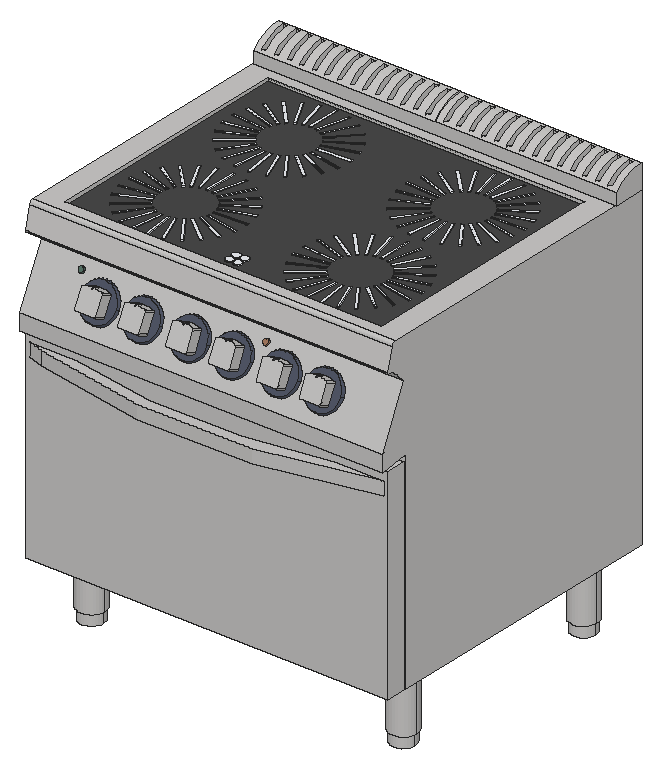
Revit family "QF_ZANUSSI_372026_Z7IREH40E0", category Specialty Equipment, Revit 2018 (continued)
Automatic sketch dimensions
  plane 1 "BACK" to curve 86 = 6.761 mm
  curve 81 to curve 86 = 18.547 mm
  curve 85 to curve 86 = 9.296 mm
  curve 88 to curve 89 = 9.296 mm
  curve 91 to curve 90 = 9.296 mm
  plane 1 "BACK" to curve 55 = 6.761 mm
  curve 90 to curve 55 = 18.547 mm
  curve 55 to curve 56 = 9.296 mm
  plane 7 "Center Y" to curve 93 = 1.588 mm
  curve 11 to plane 7 "Center Y" = 1.587 mm
  curve 11 to curve 12 = 13.764 mm
  curve 12 to curve 13 = 9.296 mm
  curve 13 to curve 48 = 18.547 mm
  curve 48 to curve 50 = 9.296 mm
  curve 49 to curve 45 = 18.547 mm
  curve 45 to curve 46 = 9.296 mm
  plane 1 "BACK" to curve 42 = 6.761 mm
  curve 46 to curve 42 = 18.547 mm
  curve 42 to curve 43 = 9.296 mm
  curve 43 to curve 39 = 18.547 mm
  curve 39 to curve 40 = 9.296 mm
  plane 1 "BACK" to curve 36 = 6.761 mm
  curve 40 to curve 36 = 18.547 mm
  curve 36 to curve 37 = 9.296 mm
  curve 37 to curve 33 = 18.547 mm
  curve 33 to curve 34 = 9.296 mm
  plane 1 "BACK" to curve 30 = 6.761 mm
  curve 34 to curve 30 = 18.547 mm
  curve 30 to curve 31 = 9.296 mm
  curve 31 to curve 27 = 18.547 mm
  curve 27 to curve 28 = 9.296 mm
  curve 24 to curve 25 = 9.296 mm
  plane 1 "BACK" to curve 21 = 6.761 mm
  curve 25 to curve 21 = 18.547 mm
  curve 21 to curve 22 = 9.296 mm
  curve 18 to curve 19 = 9.296 mm
  plane 1 "BACK" to curve 15 = 6.761 mm
  curve 19 to curve 15 = 18.547 mm
  curve 15 to curve 16 = 9.296 mm
  plane 1 "BACK" to curve 8 = 6.761 mm
  curve 16 to curve 8 = 18.547 mm
  curve 8 to curve 9 = 9.296 mm
  plane 5 "FRONT" to curve 1 = 1.377 mm
  curve 1 to plane 3 "LEFT" = 150.019 mm
  curve 1 to plane 1 "BACK" = 150.019 mm
  plane 1 "BACK" to curve 92 = 6.761 mm
  plane 1 "BACK" to curve 89 = 6.761 mm
  plane 1 "BACK" to curve 12 = 6.761 mm
  plane 1 "BACK" to curve 83 = 6.761 mm
  plane 1 "BACK" to curve 18 = 6.761 mm
  plane 1 "BACK" to curve 77 = 6.761 mm
  plane 1 "BACK" to curve 74 = 6.761 mm
  plane 1 "BACK" to curve 24 = 6.761 mm
  plane 1 "BACK" to curve 27 = 6.761 mm
  plane 1 "BACK" to curve 33 = 6.761 mm
  plane 1 "BACK" to curve 62 = 6.761 mm
  plane 1 "BACK" to curve 59 = 6.761 mm
  plane 1 "BACK" to curve 39 = 6.761 mm
  plane 1 "BACK" to curve 53 = 6.761 mm
  plane 1 "BACK" to curve 45 = 6.761 mm
  plane 1 "BACK" to curve 50 = 6.761 mm
  curve 49 to curve 49 = 57.15 mm
  curve 51 to curve 51 = 57.15 mm
  curve 54 to curve 54 = 57.15 mm
  curve 57 to curve 51 = 0 mm
  curve 60 to curve 57 = 0 mm
  curve 63 to curve 60 = 0 mm
  curve 66 to curve 63 = 0 mm
  curve 69 to curve 66 = 0 mm
  curve 72 to curve 69 = 0 mm
  curve 75 to curve 72 = 0 mm
  curve 78 to curve 75 = 0 mm
  curve 81 to curve 78 = 0 mm
  curve 84 to curve 81 = 0 mm
  curve 55 to curve 91 = 0 mm
  curve 91 to curve 87 = 0 mm
  curve 12 to curve 11 = 5.939 mm
  curve 52 to curve 95 = 5.939 mm
  plane 5 "FRONT" to curve 3 = 1.377 mm
  Extrusion 5 sketch curve to plane 3 "LEFT" = 13.453 mm
  Extrusion 5 sketch curve to Extrusion 5 sketch curve = 9.296 mm  (x28)
  Extrusion 5 sketch curve to Extrusion 5 sketch curve = 18.547 mm  (x26)
  Extrusion 5 sketch curve to plane 1 "BACK" = 6.761 mm  (x28)
  Extrusion 5 sketch curve to plane 7 "Center Y" = 15.351 mm
  Extrusion 5 sketch curve to Extrusion 5 sketch curve = 57.15 mm  (x2)
  Extrusion 5 sketch curve to Extrusion 5 sketch curve = 0 mm  (x26)
  plane 1 "BACK" to Extrusion 6 sketch curve = 0 mm
  plane 7 "Center Y" to Extrusion 6 sketch curve = 1.587 mm
  Extrusion 6 sketch curve to plane 7 "Center Y" = 1.588 mm
  Extrusion 6 sketch curve to plane 1 "BACK" = 69.85 mm
  Revolve 7 sketch curve to level = 0 mm
  Revolve 7 sketch curve to plane 14 "Base" = 0 mm  (x2)
  level to Revolve 7 sketch curve = 25 mm
  Revolve 7 sketch curve to Revolve 7 sketch curve = 20 mm
  plane 3 "LEFT" to Revolve 7 sketch curve = 56 mm
  Revolve 7 sketch curve to Revolve 7 sketch curve = 0 mm
  plane 3 "LEFT" to Revolve 7 sketch curve = 29.75 mm
  plane 3 "LEFT" to Revolve 7 sketch curve = 26 mm
  Revolve 8 sketch curve to level = 0 mm
  Revolve 8 sketch curve to plane 14 "Base" = 0 mm  (x2)
  level to Revolve 8 sketch curve = 25 mm
  Revolve 8 sketch curve to Revolve 8 sketch curve = 20 mm
  plane 3 "LEFT" to Revolve 8 sketch curve = 56 mm
  Revolve 8 sketch curve to Revolve 8 sketch curve = 0 mm
  plane 3 "LEFT" to Revolve 8 sketch curve = 29.75 mm
  plane 3 "LEFT" to Revolve 8 sketch curve = 26 mm
  Revolve 9 sketch curve to level = 0 mm
  Revolve 9 sketch curve to plane 14 "Base" = 0 mm  (x2)
  level to Revolve 9 sketch curve = 25 mm
  Revolve 9 sketch curve to Revolve 9 sketch curve = 20 mm
  Revolve 9 sketch curve to plane 4 "RIGHT" = 26 mm
  Revolve 9 sketch curve to Revolve 9 sketch curve = 3.75 mm
  Revolve 9 sketch curve to Revolve 9 sketch curve = 30 mm
  Revolve 9 sketch curve to Revolve 9 sketch curve = 0 mm
  Revolve 10 sketch curve to level = 0 mm
  Revolve 10 sketch curve to plane 14 "Base" = 0 mm  (x2)
  level to Revolve 10 sketch curve = 25 mm
  Revolve 10 sketch curve to Revolve 10 sketch curve = 20 mm
  Revolve 10 sketch curve to plane 4 "RIGHT" = 26 mm
  Revolve 10 sketch curve to Revolve 10 sketch curve = 3.75 mm
  Revolve 10 sketch curve to Revolve 10 sketch curve = 30 mm
  Revolve 10 sketch curve to Revolve 10 sketch curve = 0 mm
  curve 126 to plane 4 "RIGHT" = 50.1 mm
  plane 3 "LEFT" to curve 125 = 50 mm
  curve 124 to plane 12 = 54.376 mm
  plane 11 to curve 126 = 55.377 mm
  Extrusion 12 sketch curve to plane 14 "Base" = 0 mm
  Extrusion 12 sketch curve to plane 9 "BASETOP" = 0 mm
  curve 52 to curve 53 = 9.296 mm
  curve 51 to curve 58 = 18.547 mm
  curve 57 to curve 61 = 18.547 mm
  curve 69 to curve 73 = 18.547 mm
  curve 72 to curve 76 = 18.547 mm
  curve 78 to curve 82 = 18.547 mm
  curve 84 to curve 88 = 18.547 mm
  curve 87 to curve 91 = 18.547 mm
  curve 28 to curve 26 = 18.547 mm
  curve 22 to curve 20 = 18.547 mm
  curve 60 to curve 61 = 0 mm
  curve 57 to curve 58 = 0 mm
  curve 63 to curve 64 = 0 mm
  curve 54 to curve 55 = 0 mm
  curve 51 to curve 52 = 0 mm
  curve 66 to curve 67 = 0 mm
  curve 49 to curve 48 = 0 mm
  curve 46 to curve 49 = 0 mm
  curve 69 to curve 70 = 0 mm
  curve 46 to curve 45 = 0 mm
  curve 43 to curve 46 = 0 mm
  curve 43 to curve 42 = 0 mm
  curve 40 to curve 43 = 0 mm
  curve 72 to curve 73 = 0 mm
  curve 40 to curve 39 = 0 mm
  curve 37 to curve 40 = 0 mm
  curve 37 to curve 36 = 0 mm
  curve 34 to curve 37 = 0 mm
  curve 75 to curve 76 = 0 mm
  curve 34 to curve 33 = 0 mm
  curve 31 to curve 34 = 0 mm
  curve 31 to curve 30 = 0 mm
  curve 28 to curve 31 = 0 mm
  curve 78 to curve 79 = 0 mm
  curve 28 to curve 27 = 0 mm
  curve 25 to curve 28 = 0 mm
  curve 25 to curve 24 = 0 mm
  curve 22 to curve 25 = 0 mm
  curve 81 to curve 82 = 0 mm
  curve 22 to curve 21 = 0 mm
  curve 19 to curve 22 = 0 mm
  curve 19 to curve 18 = 0 mm
  curve 16 to curve 19 = 0 mm
  curve 84 to curve 85 = 0 mm
  curve 16 to curve 15 = 0 mm
  curve 48 to curve 13 = 0 mm
  curve 13 to curve 12 = 0 mm
  curve 87 to curve 88 = 0 mm
  curve 90 to curve 91 = 0 mm
  curve 9 to curve 11 = 5.939 mm
  curve 9 to curve 8 = 0 mm
  plane 3 "LEFT" to curve 96 = 13.453 mm
  curve 96 to curve 96 = 9.296 mm
  curve 96 to curve 98 = 18.547 mm
  curve 98 to curve 98 = 9.296 mm
  curve 98 to curve 99 = 18.547 mm
  curve 99 to curve 99 = 9.296 mm
  curve 99 to curve 100 = 18.547 mm
  curve 100 to curve 100 = 9.296 mm
  curve 100 to curve 101 = 18.547 mm
  curve 101 to curve 101 = 9.296 mm
  curve 101 to curve 102 = 18.547 mm
  curve 102 to curve 102 = 9.296 mm
  curve 102 to curve 103 = 18.547 mm
  curve 103 to curve 103 = 9.296 mm
  curve 103 to curve 104 = 18.547 mm
  curve 104 to curve 104 = 9.296 mm
  curve 104 to curve 105 = 18.547 mm
  curve 105 to curve 105 = 9.296 mm
  curve 105 to curve 106 = 18.547 mm
  curve 106 to curve 106 = 9.296 mm
  curve 106 to curve 107 = 18.547 mm
  curve 107 to curve 107 = 9.296 mm
  curve 107 to curve 108 = 18.547 mm
  curve 108 to curve 108 = 9.296 mm
  curve 108 to curve 109 = 18.547 mm
  curve 109 to curve 109 = 9.296 mm
  curve 109 to curve 97 = 18.547 mm
  curve 97 to curve 97 = 9.296 mm
  plane 7 "Center Y" to curve 111 = 15.351 mm
  curve 111 to curve 111 = 9.296 mm
  curve 111 to curve 123 = 18.547 mm
  curve 123 to curve 123 = 9.296 mm
  curve 123 to curve 122 = 18.547 mm
  curve 122 to curve 122 = 9.296 mm
  curve 122 to curve 121 = 18.547 mm
  curve 121 to curve 121 = 9.296 mm
  curve 121 to curve 120 = 18.547 mm
  curve 120 to curve 120 = 9.296 mm
  curve 120 to curve 119 = 18.547 mm
  curve 119 to curve 119 = 9.296 mm
  curve 119 to curve 118 = 18.547 mm
  curve 118 to curve 118 = 9.296 mm
  curve 118 to curve 117 = 18.547 mm
  curve 117 to curve 117 = 9.296 mm
  curve 117 to curve 116 = 18.547 mm
  curve 116 to curve 116 = 9.296 mm
  curve 116 to curve 115 = 18.547 mm
  curve 115 to curve 115 = 9.296 mm
  curve 115 to curve 114 = 18.547 mm
  curve 114 to curve 114 = 9.296 mm
  curve 114 to curve 113 = 18.547 mm
  curve 113 to curve 113 = 9.296 mm
  curve 113 to curve 112 = 18.547 mm
  curve 112 to curve 112 = 9.296 mm
  curve 112 to curve 110 = 18.547 mm
  curve 110 to curve 110 = 9.296 mm
  plane 1 "BACK" to curve 104 = 63.911 mm
  curve 104 to curve 105 = 0 mm
  curve 105 to curve 106 = 0 mm
  curve 106 to curve 107 = 0 mm
  curve 107 to curve 108 = 0 mm
  curve 108 to curve 109 = 0 mm
  plane 1 "BACK" to curve 110 = 63.911 mm
  plane 1 "BACK" to curve 111 = 63.911 mm
  curve 112 to curve 110 = 0 mm
  curve 113 to curve 112 = 0 mm
  curve 103 to curve 104 = 0 mm
  curve 114 to curve 113 = 0 mm
  curve 115 to curve 114 = 0 mm
  curve 116 to curve 115 = 0 mm
  curve 117 to curve 116 = 0 mm
  curve 118 to curve 117 = 0 mm
  curve 119 to curve 118 = 0 mm
  curve 120 to curve 119 = 0 mm
  curve 121 to curve 120 = 0 mm
  curve 122 to curve 121 = 0 mm
  curve 123 to curve 122 = 0 mm
  curve 102 to curve 103 = 0 mm
  curve 101 to curve 102 = 0 mm
  curve 100 to curve 101 = 0 mm
  curve 99 to curve 100 = 0 mm
  curve 98 to curve 99 = 0 mm
  curve 109 to curve 97 = 0 mm
  curve 96 to curve 98 = 0 mm
  Extrusion 1 sketch curve to plane 14 "Base" = 0 mm
  Extrusion 1 sketch curve to plane 5 "FRONT" = 15 mm
  Extrusion 1 sketch curve to Extrusion 1 sketch curve = 44.6 mm
  plane 11 to Extrusion 1 sketch curve = 101.999 mm
  Extrusion 1 sketch curve to Extrusion 1 sketch curve = 2.884 mm
  plane 9 "BASETOP" to Extrusion 1 sketch curve = 241.763 mm
  Extrusion 1 sketch curve to Extrusion 1 sketch curve = 13.051 mm
  Extrusion 1 sketch curve to Extrusion 1 sketch curve = 10.198 mm
  Extrusion 1 sketch curve to Extrusion 1 sketch curve = 7.474 mm
  Extrusion 1 sketch curve to Extrusion 1 sketch curve = 31.82 mm  (x2)
  Extrusion 1 sketch curve to Extrusion 1 sketch curve = 60.245 mm
  Extrusion 1 sketch curve to Extrusion 1 sketch curve = 0.442 mm
  Extrusion 1 sketch curve to Extrusion 1 sketch curve = 3.175 mm
  plane 14 "Base" to Extrusion 1 sketch curve = 0 mm
  Extrusion 1 sketch curve to Extrusion 1 sketch curve = 455.746 mm
  Extrusion 1 sketch curve to Extrusion 1 sketch curve = 461.068 mm
  Extrusion 1 sketch curve to Extrusion 1 sketch curve = 35 mm
  Extrusion 1 sketch curve to Extrusion 1 sketch curve = 81.162 mm
  Extrusion 1 sketch curve to Extrusion 1 sketch curve = 3 mm
  Extrusion 1 sketch curve to plane 1 "BACK" = 0 mm
  Extrusion 1 sketch curve to Extrusion 1 sketch curve = 1.087 mm
  Extrusion 1 sketch curve to plane 9 "BASETOP" = 0 mm
  plane 7 "Center Y" to Blend 13 sketch curve = 152.5 mm  (x2)
  plane 3 "LEFT" to Extrusion 14 sketch curve = 129.5 mm
  Extrusion 14 sketch curve to Extrusion 14 sketch curve = 2.997 mm  (x3)
  Extrusion 14 sketch curve to Extrusion 14 sketch curve = 20.003 mm  (x2)
  Extrusion 14 sketch curve to Extrusion 14 sketch curve = 40.005 mm
  Extrusion 14 sketch curve to Extrusion 14 sketch curve = 5.399 mm
  Extrusion 14 sketch curve to Extrusion 14 sketch curve = 40.037 mm
  Extrusion 14 sketch curve to Extrusion 14 sketch curve = 0 mm  (x2)
  Extrusion 15 sketch curve to plane 16 "panel" = 35 mm
  plane 15 to Extrusion 15 sketch curve = 5.671 mm
  Extrusion 15 sketch curve to Extrusion 15 sketch curve = 3 mm
  Extrusion 15 sketch curve to Extrusion 15 sketch curve = 0 mm  (x2)
  Extrusion 15 sketch curve to Extrusion 15 sketch curve = 1 mm
  Extrusion 15 sketch curve to Extrusion 15 sketch curve = 15 mm
  plane 3 "LEFT" to Extrusion 16 sketch curve = 97.499 mm
  plane 3 "LEFT" to Extrusion 17 sketch curve = 135 mm
  Extrusion 17 sketch curve to Extrusion 17 sketch curve = 35 mm  (x2)
  Split face 1 sketch curve to Split face 1 sketch curve = 6 mm
  Split face 1 sketch curve to Split face 1 sketch curve = 10 mm
  Split face 2 sketch curve to Split face 2 sketch curve = 5 mm
  Split face 2 sketch curve to Split face 2 sketch curve = 9 mm
  Split face 3 sketch curve to Split face 3 sketch curve = 5 mm
  Split face 4 sketch curve to Split face 4 sketch curve = 5 mm
  plane 7 "Center Y" to Blend 18 sketch curve = 247.5 mm  (x2)
  plane 3 "LEFT" to Extrusion 19 sketch curve = 224.5 mm
  Extrusion 19 sketch curve to Extrusion 19 sketch curve = 2.997 mm  (x3)
  plane 3 "LEFT" to Extrusion 19 sketch curve = 247.5 mm
  Extrusion 19 sketch curve to Extrusion 19 sketch curve = 20.003 mm
  plane 3 "LEFT" to Extrusion 19 sketch curve = 267.503 mm
  Extrusion 19 sketch curve to Extrusion 19 sketch curve = 5.399 mm
  Extrusion 19 sketch curve to Extrusion 19 sketch curve = 40.037 mm
  Extrusion 19 sketch curve to Extrusion 19 sketch curve = 0 mm  (x2)
  plane 3 "LEFT" to Extrusion 20 sketch curve = 230 mm
  plane 3 "LEFT" to Extrusion 20 sketch curve = 265 mm
  Extrusion 20 sketch curve to Extrusion 20 sketch curve = 35 mm
  Split face 8 sketch curve to Split face 8 sketch curve = 6 mm
  Split face 8 sketch curve to Split face 8 sketch curve = 10 mm
  Split face 9 sketch curve to Split face 9 sketch curve = 5 mm
  Split face 9 sketch curve to Split face 9 sketch curve = 9 mm
  Split face 10 sketch curve to Split face 10 sketch curve = 5 mm
  Split face 11 sketch curve to Split face 11 sketch curve = 5 mm
  Extrusion 21 sketch curve to plane 16 "panel" = 35 mm
  plane 15 to Extrusion 21 sketch curve = 5.671 mm
  Extrusion 21 sketch curve to Extrusion 21 sketch curve = 3 mm
  Extrusion 21 sketch curve to Extrusion 21 sketch curve = 0 mm
  Extrusion 21 sketch curve to Extrusion 21 sketch curve = 1 mm  (x2)
  Extrusion 21 sketch curve to Extrusion 21 sketch curve = 15 mm
  plane 3 "LEFT" to Blend 22 sketch curve = 152.5 mm  (x2)
  Split face 25 sketch curve to Split face 25 sketch curve = 6 mm
  Split face 25 sketch curve to Split face 25 sketch curve = 10 mm
  Split face 26 sketch curve to Split face 26 sketch curve = 5 mm
  Split face 26 sketch curve to Split face 26 sketch curve = 9 mm
  Split face 27 sketch curve to Split face 27 sketch curve = 5 mm
  Split face 28 sketch curve to Split face 28 sketch curve = 5 mm
  plane 3 "LEFT" to Blend 23 sketch curve = 247.5 mm  (x2)
  Split face 32 sketch curve to Split face 32 sketch curve = 6 mm
  Split face 32 sketch curve to Split face 32 sketch curve = 10 mm
  Split face 33 sketch curve to Split face 33 sketch curve = 5 mm
  Split face 33 sketch curve to Split face 33 sketch curve = 9 mm
  Split face 34 sketch curve to Split face 34 sketch curve = 5 mm
  Split face 35 sketch curve to Split face 35 sketch curve = 5 mm
  plane 7 "Center Y" to Extrusion 24 sketch curve = 129.5 mm
  Extrusion 24 sketch curve to Extrusion 24 sketch curve = 2.997 mm  (x3)
  Extrusion 24 sketch curve to Extrusion 24 sketch curve = 20.003 mm  (x2)
  Extrusion 24 sketch curve to Extrusion 24 sketch curve = 40.005 mm
  Extrusion 24 sketch curve to Extrusion 24 sketch curve = 5.399 mm
  Extrusion 24 sketch curve to Extrusion 24 sketch curve = 40.037 mm
  Extrusion 24 sketch curve to Extrusion 24 sketch curve = 0 mm  (x2)
  plane 7 "Center Y" to Extrusion 25 sketch curve = 135 mm
  Extrusion 25 sketch curve to Extrusion 25 sketch curve = 35 mm  (x2)
  plane 7 "Center Y" to Extrusion 26 sketch curve = 224.5 mm
  Extrusion 26 sketch curve to Extrusion 26 sketch curve = 2.997 mm  (x3)
  plane 7 "Center Y" to Extrusion 26 sketch curve = 247.5 mm
  Extrusion 26 sketch curve to Extrusion 26 sketch curve = 20.003 mm
  plane 7 "Center Y" to Extrusion 26 sketch curve = 267.503 mm
  Extrusion 26 sketch curve to Extrusion 26 sketch curve = 5.399 mm
  Extrusion 26 sketch curve to Extrusion 26 sketch curve = 40.037 mm
  Extrusion 26 sketch curve to Extrusion 26 sketch curve = 0 mm  (x2)
  plane 7 "Center Y" to Extrusion 27 sketch curve = 230 mm
  plane 7 "Center Y" to Extrusion 27 sketch curve = 265 mm
  Extrusion 27 sketch curve to Extrusion 27 sketch curve = 35 mm
  Extrusion 28 sketch curve to plane 16 "panel" = 35 mm
  plane 15 to Extrusion 28 sketch curve = 5.671 mm
  Extrusion 28 sketch curve to Extrusion 28 sketch curve = 3 mm
  Extrusion 28 sketch curve to Extrusion 28 sketch curve = 0 mm  (x2)
  Extrusion 28 sketch curve to Extrusion 28 sketch curve = 1 mm
  Extrusion 28 sketch curve to Extrusion 28 sketch curve = 15 mm
  Extrusion 29 sketch curve to plane 16 "panel" = 35 mm
  plane 15 to Extrusion 29 sketch curve = 5.671 mm
  Extrusion 29 sketch curve to Extrusion 29 sketch curve = 3 mm
  Extrusion 29 sketch curve to Extrusion 29 sketch curve = 0 mm
  Extrusion 29 sketch curve to Extrusion 29 sketch curve = 1 mm  (x2)
  Extrusion 29 sketch curve to Extrusion 29 sketch curve = 15 mm
  plane 7 "Center Y" to Blend 30 sketch curve = 47.5 mm  (x2)
  plane 3 "LEFT" to Extrusion 31 sketch curve = 424.5 mm
  Extrusion 31 sketch curve to Extrusion 31 sketch curve = 2.997 mm  (x3)
  Extrusion 31 sketch curve to Extrusion 31 sketch curve = 20.003 mm  (x2)
  Extrusion 31 sketch curve to Extrusion 31 sketch curve = 40.005 mm
  Extrusion 31 sketch curve to Extrusion 31 sketch curve = 5.399 mm
  Extrusion 31 sketch curve to Extrusion 31 sketch curve = 40.037 mm
  Extrusion 31 sketch curve to Extrusion 31 sketch curve = 0 mm  (x2)
  Extrusion 32 sketch curve to plane 16 "panel" = 35 mm
  plane 15 to Extrusion 32 sketch curve = 5.671 mm
  Extrusion 32 sketch curve to Extrusion 32 sketch curve = 3 mm
  Extrusion 32 sketch curve to Extrusion 32 sketch curve = 0 mm
  Extrusion 32 sketch curve to Extrusion 32 sketch curve = 1 mm  (x2)
  Extrusion 32 sketch curve to Extrusion 32 sketch curve = 15 mm
  plane 3 "LEFT" to Extrusion 33 sketch curve = 370 mm
  Extrusion 33 sketch curve to Extrusion 33 sketch curve = 35 mm  (x2)
  plane 3 "LEFT" to Extrusion 34 sketch curve = 375.5 mm
  Extrusion 34 sketch curve to Extrusion 34 sketch curve = 2.997 mm  (x3)
  Extrusion 34 sketch curve to Extrusion 34 sketch curve = 20.003 mm  (x2)
  Extrusion 34 sketch curve to Extrusion 34 sketch curve = 40.005 mm
  Extrusion 34 sketch curve to Extrusion 34 sketch curve = 0 mm  (x2)
  Extrusion 34 sketch curve to Extrusion 34 sketch curve = 40.037 mm
  Extrusion 34 sketch curve to Extrusion 34 sketch curve = 5.399 mm
  plane 3 "LEFT" to Blend 35 sketch curve = 352.5 mm  (x2)
  Split face 63 sketch curve to Split face 63 sketch curve = 6 mm
  Split face 63 sketch curve to Split face 63 sketch curve = 2 mm
  Extrusion 36 sketch curve to plane 16 "panel" = 35 mm
  plane 15 to Extrusion 36 sketch curve = 5.671 mm
  Extrusion 36 sketch curve to Extrusion 36 sketch curve = 3 mm
  Extrusion 36 sketch curve to Extrusion 36 sketch curve = 0 mm
  Extrusion 36 sketch curve to Extrusion 36 sketch curve = 1 mm  (x2)
  Extrusion 36 sketch curve to Extrusion 36 sketch curve = 15 mm
  plane 7 "Center Y" to Extrusion 37 sketch curve = 65 mm
  Extrusion 37 sketch curve to Extrusion 37 sketch curve = 35 mm  (x2)
  Split face 64 sketch curve to Split face 64 sketch curve = 6 mm
  Split face 64 sketch curve to Split face 64 sketch curve = 2 mm
  Split face 65 sketch curve to Split face 65 sketch curve = 6 mm
  Split face 65 sketch curve to Split face 65 sketch curve = 2 mm
  plane 7 "Center Y" to Extrusion 38 sketch curve = 105 mm
  plane 5 "FRONT" to curve 129 = 423.387 mm
  plane 5 "FRONT" to Extrusion 12 sketch curve = 423.387 mm
  Extrusion 39 sketch curve to Extrusion 39 sketch curve = 0 mm  (x6)
  plane 15 to Extrusion 39 sketch curve = 0 mm  (x2)
  Extrusion 39 sketch curve to plane 7 "Center Y" = 0 mm
  Extrusion 39 sketch curve to plane 4 "RIGHT" = 103.605 mm
  Extrusion 39 sketch curve to plane 4 "RIGHT" = 10 mm
  Extrusion 39 sketch curve to plane 1 "BACK" = 537.5 mm
  Extrusion 39 sketch curve to plane 5 "FRONT" = 4.65 mm
  plane 7 "Center Y" to Extrusion 40 sketch curve = 9 mm
  plane 11 to Extrusion 40 sketch curve = 9 mm
  Extrusion 41 sketch curve to plane 7 "Center Y" = 9 mm
  plane 11 to Extrusion 41 sketch curve = 9 mm
  plane 7 "Center Y" to Extrusion 42 sketch curve = 9 mm
  plane 11 to Extrusion 42 sketch curve = 27 mm
  Extrusion 43 sketch curve to plane 7 "Center Y" = 9 mm
  plane 11 to Extrusion 43 sketch curve = 27 mm
  radius of Extrusion 11 sketch curve = 12.7 mm
  radius of Blend 13 sketch curve = 42.5 mm
  radius of Blend 13 sketch curve = 40.5 mm
  radius of Extrusion 16 sketch curve = 6 mm
  radius of Split face 5 sketch curve = 2.029 mm
  radius of Split face 6 sketch curve = 1.5 mm
  radius of Blend 18 sketch curve = 42.5 mm
  radius of Blend 18 sketch curve = 40.5 mm
  radius of Split face 7 sketch curve = 1.5 mm
  radius of Split face 12 sketch curve = 2.031 mm
  radius of Split face 13 sketch curve = 1.5 mm
  radius of Split face 14 sketch curve = 1.5 mm
  radius of Split face 15 sketch curve = 1.5 mm
  radius of Split face 16 sketch curve = 1.5 mm
  radius of Split face 17 sketch curve = 1.5 mm
  radius of Split face 18 sketch curve = 1.5 mm
  radius of Split face 19 sketch curve = 1.5 mm
  radius of Split face 20 sketch curve = 1.5 mm
  radius of Split face 21 sketch curve = 1.5 mm
  radius of Split face 22 sketch curve = 1.5 mm
  radius of Split face 23 sketch curve = 1.5 mm
  radius of Split face 24 sketch curve = 1.5 mm
  radius of Blend 22 sketch curve = 42.5 mm
  radius of Blend 22 sketch curve = 40.5 mm
  radius of Split face 29 sketch curve = 2.029 mm
  radius of Split face 30 sketch curve = 1.5 mm
  radius of Blend 23 sketch curve = 42.5 mm
  radius of Blend 23 sketch curve = 40.5 mm
  radius of Split face 31 sketch curve = 1.5 mm
  radius of Split face 36 sketch curve = 2.031 mm
  radius of Split face 37 sketch curve = 1.5 mm
  radius of Split face 38 sketch curve = 1.5 mm
  radius of Split face 39 sketch curve = 1.5 mm
  radius of Split face 40 sketch curve = 1.5 mm
  radius of Split face 41 sketch curve = 1.5 mm
  radius of Split face 42 sketch curve = 1.5 mm
  radius of Split face 43 sketch curve = 1.5 mm
  radius of Split face 44 sketch curve = 1.5 mm
  radius of Split face 45 sketch curve = 1.5 mm
  radius of Split face 46 sketch curve = 1.5 mm
  radius of Split face 47 sketch curve = 1.5 mm
  radius of Split face 48 sketch curve = 1.5 mm
  radius of Blend 30 sketch curve = 42.5 mm
  radius of Blend 30 sketch curve = 40.5 mm
  radius of Split face 49 sketch curve = 1 mm
  radius of Split face 50 sketch curve = 1 mm
  radius of Split face 51 sketch curve = 1 mm
  radius of Split face 52 sketch curve = 1 mm
  radius of Split face 53 sketch curve = 1 mm
  radius of Split face 54 sketch curve = 1 mm
  radius of Split face 55 sketch curve = 1 mm
  radius of Split face 56 sketch curve = 1 mm
  radius of Split face 57 sketch curve = 1 mm
  radius of Split face 58 sketch curve = 1 mm
  radius of Split face 59 sketch curve = 1 mm
  radius of Split face 60 sketch curve = 1 mm
  radius of Split face 61 sketch curve = 1 mm
  radius of Split face 62 sketch curve = 1 mm
  radius of Blend 35 sketch curve = 42.5 mm
  radius of Blend 35 sketch curve = 40.5 mm
  radius of Split face 66 sketch curve = 1.714 mm
  radius of Extrusion 38 sketch curve = 6 mm
  radius of Extrusion 40 sketch curve = 9 mm
  radius of Extrusion 41 sketch curve = 9 mm
  radius of Extrusion 42 sketch curve = 9 mm
  radius of Extrusion 43 sketch curve = 9 mm
Nested families
  nested 1: "QF_372026_INDUCTION BURNER" at (76.145, -100.486, 843.837), type "QF_372026_INDUCTION BURNER"
    with Type Mark "", Status "", Specification by User "", Revision Code "", Number of Poles 1, Item Number "", Installed By "", Identify Quantity as Lot yes, Furnished By "", Foodservice Equipment Identifier yes, Electrical Remarks "", Electric Connection Type "", Elec Conn RI Height 0 mm, Elec Conn Connection Height 0 mm
  nested 2: "QF_372026_INDUCTION BURNER" at (76.145, -385.486, 843.837), type "QF_372026_INDUCTION BURNER"
    with Type Mark "", Status "", Specification by User "", Revision Code "", Number of Poles 1, Item Number "", Installed By "", Identify Quantity as Lot yes, Furnished By "", Foodservice Equipment Identifier yes, Electrical Remarks "", Electric Connection Type "", Elec Conn RI Height 0 mm, Elec Conn Connection Height 0 mm
  nested 3: "QF_372026_INDUCTION BURNER" at (461.089, -385.486, 843.837), type "QF_372026_INDUCTION BURNER"
    with Type Mark "", Status "", Specification by User "", Revision Code "", Number of Poles 1, Item Number "", Installed By "", Identify Quantity as Lot yes, Furnished By "", Foodservice Equipment Identifier yes, Electrical Remarks "", Electric Connection Type "", Elec Conn RI Height 0 mm, Elec Conn Connection Height 0 mm
  nested 4: "QF_372026_INDUCTION BURNER" at (461.089, -100.486, 843.837), type "QF_372026_INDUCTION BURNER"
    with Type Mark "", Status "", Specification by User "", Revision Code "", Number of Poles 1, Item Number "", Installed By "", Identify Quantity as Lot yes, Furnished By "", Foodservice Equipment Identifier yes, Electrical Remarks "", Electric Connection Type "", Elec Conn RI Height 0 mm, Elec Conn Connection Height 0 mm
Connectors
  electrical at (755, -513, 137.3), driven by "Volts", driven by "Watts"
    settings: on Extrusion 11, index 1, voltage 400 V, apparent load 14800 VA, apparent load phase1 0 VA, apparent load phase2 0 VA, apparent load phase3 0 VA, power factor 1, load classification "Other", number of poles 1, system type 30, power factor state 1, is connector primary yes, connector utility no, sub classification motor no, connector description "Electrical Connection"
Definition of nested family "QF_372026_INDUCTION BURNER"
  Parameters
    Weight in Pounds = 0
    Watts = 0 W
    Volts = 0 V
    URL Cutsheet = ""
    Type Mark [instance] = ""
    Status [instance] = ""
    Specification by User [instance] = ""
    Specification by Manufacturer = ""
    Serial Number = ""
    Seismic Rating = ""
    SMACNA No = ""
    Revision Code [instance] = ""
    Phase = 1
    Omniclass Number and Title = ""
    Number of Poles [instance] = 1
    NAFEM Spec ID Number = ""
    Min Ckt Ampacity = 0 A
    Max Overcurrent Protection = 0 A
    Masterspec = ""
    Item Number [instance] = ""
    Installed By [instance] = ""
    Identify Quantity as Lot [instance] = yes
    HP = ""
    Furnished By [instance] = ""
    Foodservice Equipment Identifier [instance] = yes
    FL Amps = 0 A
    Electrical Remarks [instance] = ""
    Electric Connection Type [instance] = ""
    Elec Conn RI Height [instance] = 0 mm
    Elec Conn Connection Height [instance] = 0 mm
    Cycle = 0 Hz
    Conn Plug = ""
    Conn Conduit = yes
    CSI MasterFormat = ""
    CSI Master Format = ""
    Assembly Code = ""
    Apparent Power = if(Phase = 3, Volts * FL Amps * 1.73, Volts * FL Amps)  # 0 VA
  Reference planes
    plane 1 "BACK": y = 0
    plane 2: z = 0
    plane 3 "LEFT": x = 0
    plane 4 "RIGHT": x = 263
    plane 5 "FRONT": y = -263
    plane 6 "TOP": z = 0.794
    plane 7 "Center Y": x = 131.5
    plane 8 "Center X": y = -131.5
  Forms (mm)
    Extrusion 1, solid
      sketch origin (0, 0, 0) x (1, 0, 0) y (0, 1, 0)
        loop
          line (134, -73.314) -> (134, 0) -> (129, 0) -> (129, -73.314) -> (134, -73.314)
        loop
          line (119.451, -74.521) -> (101.219, -3.51) -> (96.376, -4.753) -> (114.608, -75.764) -> (119.451, -74.521)
        loop
          line (105.66, -79.307) -> (70.34, -15.061) -> (65.959, -17.47) -> (101.278, -81.716) -> (105.66, -79.307)
        loop
          line (93.492, -87.373) -> (43.304, -33.929) -> (39.66, -37.352) -> (89.847, -90.796) -> (93.492, -87.373)
        loop
          line (83.712, -98.212) -> (21.81, -58.928) -> (19.131, -63.15) -> (81.033, -102.433) -> (83.712, -98.212)
        loop
          line (5.664, -93.242) -> (75.39, -115.897) -> (76.935, -111.142) -> (7.209, -88.487) -> (5.664, -93.242)
        loop
          line (73.586, -125.351) -> (0.416, -120.748) -> (0.103, -125.738) -> (73.272, -130.342) -> (73.586, -125.351)
        loop
          line (73.876, -139.947) -> (1.861, -153.685) -> (2.798, -158.596) -> (74.813, -144.859) -> (73.876, -139.947)
        loop
          line (77.788, -154.012) -> (11.451, -185.228) -> (13.58, -189.752) -> (79.916, -158.536) -> (77.788, -154.012)
        loop
          line (85.074, -166.663) -> (28.584, -213.395) -> (31.771, -217.248) -> (88.261, -170.515) -> (85.074, -166.663)
        loop
          line (95.277, -177.104) -> (52.184, -236.416) -> (56.229, -239.355) -> (99.322, -180.043) -> (95.277, -177.104)
        loop
          line (107.756, -184.679) -> (80.767, -252.845) -> (85.416, -254.686) -> (112.405, -186.52) -> (107.756, -184.679)
        loop
          line (121.727, -188.914) -> (112.538, -261.65) -> (117.499, -262.276) -> (126.688, -189.54) -> (121.727, -188.914)
        loop
          line (143.549, -74.521) -> (148.392, -75.764) -> (166.624, -4.753) -> (161.781, -3.51) -> (143.549, -74.521)
        loop
          line (157.34, -79.307) -> (161.722, -81.716) -> (197.041, -17.47) -> (192.66, -15.061) -> (157.34, -79.307)
        loop
          line (169.508, -87.373) -> (173.153, -90.796) -> (223.34, -37.352) -> (219.696, -33.929) -> (169.508, -87.373)
        loop
          line (179.288, -98.212) -> (181.967, -102.433) -> (243.869, -63.15) -> (241.19, -58.928) -> (179.288, -98.212)
        loop
          line (257.336, -93.242) -> (255.791, -88.487) -> (186.065, -111.142) -> (187.61, -115.897) -> (257.336, -93.242)
        loop
          line (189.414, -125.351) -> (189.728, -130.342) -> (262.897, -125.738) -> (262.584, -120.748) -> (189.414, -125.351)
        loop
          line (189.124, -139.947) -> (188.187, -144.859) -> (260.202, -158.596) -> (261.139, -153.685) -> (189.124, -139.947)
        loop
          line (185.212, -154.012) -> (183.084, -158.536) -> (249.42, -189.752) -> (251.549, -185.228) -> (185.212, -154.012)
        loop
          line (177.926, -166.663) -> (174.739, -170.515) -> (231.229, -217.248) -> (234.416, -213.395) -> (177.926, -166.663)
        loop
          line (167.723, -177.104) -> (163.678, -180.043) -> (206.771, -239.355) -> (210.816, -236.416) -> (167.723, -177.104)
        loop
          line (155.244, -184.679) -> (150.595, -186.52) -> (177.584, -254.686) -> (182.233, -252.845) -> (155.244, -184.679)
        loop
          line (141.273, -188.914) -> (136.312, -189.54) -> (145.501, -262.276) -> (150.462, -261.65) -> (141.273, -188.914)
      from 0 to 0.8
  Lines and regions (mm)
    symbolic lines
      curve 1: line (134, -73.314, 0) -> (134, 0, 0)
      curve 2: line (134, 0, 0) -> (129, 0, 0)
      curve 3: line (129, 0, 0) -> (129, -73.314, 0)
      curve 4: line (129, -73.314, 0) -> (134, -73.314, 0)
      curve 5: line (148.392, -75.764, 0) -> (166.624, -4.753, 0)
      curve 6: line (166.624, -4.753, 0) -> (161.781, -3.51, 0)
      curve 7: line (161.781, -3.51, 0) -> (143.549, -74.521, 0)
      curve 8: line (143.549, -74.521, 0) -> (148.392, -75.764, 0)
      curve 9: line (119.451, -74.521, 0) -> (101.219, -3.51, 0)
      curve 10: line (101.219, -3.51, 0) -> (96.376, -4.753, 0)
      curve 11: line (96.376, -4.753, 0) -> (114.608, -75.764, 0)
      curve 12: line (114.608, -75.764, 0) -> (119.451, -74.521, 0)
      curve 13: line (105.66, -79.307, 0) -> (70.34, -15.061, 0)
      curve 14: line (70.34, -15.061, 0) -> (65.959, -17.47, 0)
      curve 15: line (65.959, -17.47, 0) -> (101.278, -81.716, 0)
      curve 16: line (101.278, -81.716, 0) -> (105.66, -79.307, 0)
      curve 17: line (93.492, -87.373, 0) -> (43.304, -33.929, 0)
      curve 18: line (43.304, -33.929, 0) -> (39.66, -37.352, 0)
      curve 19: line (39.66, -37.352, 0) -> (89.847, -90.796, 0)
      curve 20: line (89.847, -90.796, 0) -> (93.492, -87.373, 0)
      curve 21: line (83.712, -98.212, 0) -> (21.81, -58.928, 0)
      curve 22: line (21.81, -58.928, 0) -> (19.131, -63.15, 0)
      curve 23: line (19.131, -63.15, 0) -> (81.033, -102.433, 0)
      curve 24: line (81.033, -102.433, 0) -> (83.712, -98.212, 0)
      curve 25: line (76.935, -111.142, 0) -> (7.209, -88.487, 0)
      curve 26: line (7.209, -88.487, 0) -> (5.664, -93.242, 0)
      curve 27: line (5.664, -93.242, 0) -> (75.39, -115.897, 0)
      curve 28: line (75.39, -115.897, 0) -> (76.935, -111.142, 0)
      curve 29: line (73.586, -125.351, 0) -> (0.416, -120.748, 0)
      curve 30: line (0.416, -120.748, 0) -> (0.103, -125.738, 0)
      curve 31: line (0.103, -125.738, 0) -> (73.272, -130.342, 0)
      curve 32: line (73.272, -130.342, 0) -> (73.586, -125.351, 0)
      curve 33: line (73.876, -139.947, 0) -> (1.861, -153.685, 0)
      curve 34: line (1.861, -153.685, 0) -> (2.798, -158.596, 0)
      curve 35: line (2.798, -158.596, 0) -> (74.813, -144.859, 0)
      curve 36: line (74.813, -144.859, 0) -> (73.876, -139.947, 0)
      curve 37: line (77.788, -154.012, 0) -> (11.451, -185.228, 0)
      curve 38: line (11.451, -185.228, 0) -> (13.58, -189.752, 0)
      curve 39: line (13.58, -189.752, 0) -> (79.916, -158.536, 0)
      curve 40: line (79.916, -158.536, 0) -> (77.788, -154.012, 0)
      curve 41: line (85.074, -166.663, 0) -> (28.584, -213.395, 0)
      curve 42: line (28.584, -213.395, 0) -> (31.771, -217.248, 0)
      curve 43: line (31.771, -217.248, 0) -> (88.261, -170.515, 0)
      curve 44: line (88.261, -170.515, 0) -> (85.074, -166.663, 0)
      curve 45: line (95.277, -177.104, 0) -> (52.184, -236.416, 0)
      curve 46: line (52.184, -236.416, 0) -> (56.229, -239.355, 0)
      curve 47: line (56.229, -239.355, 0) -> (99.322, -180.043, 0)
      curve 48: line (99.322, -180.043, 0) -> (95.277, -177.104, 0)
      curve 49: line (107.756, -184.679, 0) -> (80.767, -252.845, 0)
      curve 50: line (80.767, -252.845, 0) -> (85.416, -254.686, 0)
      curve 51: line (85.416, -254.686, 0) -> (112.405, -186.52, 0)
      curve 52: line (112.405, -186.52, 0) -> (107.756, -184.679, 0)
      curve 53: line (121.727, -188.914, 0) -> (112.538, -261.65, 0)
      curve 54: line (112.538, -261.65, 0) -> (117.499, -262.276, 0)
      curve 55: line (117.499, -262.276, 0) -> (126.688, -189.54, 0)
      curve 56: line (126.688, -189.54, 0) -> (121.727, -188.914, 0)
      curve 57: line (136.312, -189.54, 0) -> (145.501, -262.276, 0)
      curve 58: line (145.501, -262.276, 0) -> (150.462, -261.65, 0)
      curve 59: line (150.462, -261.65, 0) -> (141.273, -188.914, 0)
      curve 60: line (141.273, -188.914, 0) -> (136.312, -189.54, 0)
      curve 61: line (150.595, -186.52, 0) -> (177.584, -254.686, 0)
      curve 62: line (177.584, -254.686, 0) -> (182.233, -252.845, 0)
      curve 63: line (182.233, -252.845, 0) -> (155.244, -184.679, 0)
      curve 64: line (155.244, -184.679, 0) -> (150.595, -186.52, 0)
      curve 65: line (163.678, -180.043, 0) -> (206.771, -239.355, 0)
      curve 66: line (206.771, -239.355, 0) -> (210.816, -236.416, 0)
      curve 67: line (210.816, -236.416, 0) -> (167.723, -177.104, 0)
      curve 68: line (167.723, -177.104, 0) -> (163.678, -180.043, 0)
      curve 69: line (174.739, -170.515, 0) -> (231.229, -217.248, 0)
      curve 70: line (231.229, -217.248, 0) -> (234.416, -213.395, 0)
      curve 71: line (234.416, -213.395, 0) -> (177.926, -166.663, 0)
      curve 72: line (177.926, -166.663, 0) -> (174.739, -170.515, 0)
      curve 73: line (183.084, -158.536, 0) -> (249.42, -189.752, 0)
      curve 74: line (249.42, -189.752, 0) -> (251.549, -185.228, 0)
      curve 75: line (251.549, -185.228, 0) -> (185.212, -154.012, 0)
      curve 76: line (185.212, -154.012, 0) -> (183.084, -158.536, 0)
      curve 77: line (188.187, -144.859, 0) -> (260.202, -158.596, 0)
      curve 78: line (260.202, -158.596, 0) -> (261.139, -153.685, 0)
      curve 79: line (261.139, -153.685, 0) -> (189.124, -139.947, 0)
      curve 80: line (189.124, -139.947, 0) -> (188.187, -144.859, 0)
      curve 81: line (189.728, -130.342, 0) -> (262.897, -125.738, 0)
      curve 82: line (262.897, -125.738, 0) -> (262.584, -120.748, 0)
      curve 83: line (262.584, -120.748, 0) -> (189.414, -125.351, 0)
      curve 84: line (189.414, -125.351, 0) -> (189.728, -130.342, 0)
      curve 85: line (187.61, -115.897, 0) -> (257.336, -93.242, 0)
      curve 86: line (257.336, -93.242, 0) -> (255.791, -88.487, 0)
      curve 87: line (255.791, -88.487, 0) -> (186.065, -111.142, 0)
      curve 88: line (186.065, -111.142, 0) -> (187.61, -115.897, 0)
      curve 89: line (181.967, -102.433, 0) -> (243.869, -63.15, 0)
      curve 90: line (243.869, -63.15, 0) -> (241.19, -58.928, 0)
      curve 91: line (241.19, -58.928, 0) -> (179.288, -98.212, 0)
      curve 92: line (179.288, -98.212, 0) -> (181.967, -102.433, 0)
      curve 93: line (173.153, -90.796, 0) -> (223.34, -37.352, 0)
      curve 94: line (223.34, -37.352, 0) -> (219.696, -33.929, 0)
      curve 95: line (219.696, -33.929, 0) -> (169.508, -87.373, 0)
      curve 96: line (169.508, -87.373, 0) -> (173.153, -90.796, 0)
      curve 97: line (161.722, -81.716, 0) -> (197.041, -17.47, 0)
      curve 98: line (197.041, -17.47, 0) -> (192.66, -15.061, 0)
      curve 99: line (192.66, -15.061, 0) -> (157.34, -79.307, 0)
      curve 100: line (157.34, -79.307, 0) -> (161.722, -81.716, 0)
  Dimensions and locks
    equal spacing: plane 3 "LEFT", plane 7 "Center Y", plane 4 "RIGHT"
    plane 3 "LEFT" to plane 4 "RIGHT" = 263 mm
    equal spacing: plane 5 "FRONT", plane 8 "Center X", plane 1 "BACK"
    plane 5 "FRONT" to plane 1 "BACK" = 263 mm
    plane 6 "TOP" to level = 0.794 mm
    aligned and locked: level to plane 2
  Automatic sketch dimensions
    plane 1 "BACK" to curve 1 = 0 mm
    plane 3 "LEFT" to curve 31 = 0.103 mm
    plane 3 "LEFT" to curve 33 = 1.861 mm
    plane 3 "LEFT" to curve 26 = 5.664 mm
    plane 3 "LEFT" to curve 38 = 11.451 mm
    curve 37 to curve 39 = 2.129 mm
    plane 3 "LEFT" to curve 22 = 19.131 mm
    curve 38 to curve 42 = 15.004 mm
    curve 21 to curve 18 = 17.849 mm
    plane 1 "BACK" to curve 14 = 15.061 mm
    curve 14 to curve 14 = 4.382 mm
    plane 8 "Center X" to curve 32 = 1.158 mm
    curve 32 to curve 29 = 0.314 mm
    curve 31 to curve 36 = 0.604 mm
    curve 33 to plane 8 "Center X" = 8.447 mm
    curve 33 to curve 35 = 0.937 mm
    curve 29 to curve 28 = 1.803 mm
    plane 8 "Center X" to curve 27 = 15.603 mm
    curve 27 to curve 25 = 1.545 mm
    curve 36 to curve 40 = 2.974 mm
    curve 37 to plane 8 "Center X" = 22.512 mm
    curve 25 to curve 23 = 4.098 mm
    curve 23 to curve 21 = 2.679 mm
    curve 39 to curve 41 = 5.157 mm
    curve 49 to curve 51 = 4.649 mm
    curve 50 to plane 5 "FRONT" = 8.314 mm
    curve 41 to curve 44 = 3.187 mm
    curve 21 to curve 19 = 6.135 mm
    curve 19 to curve 17 = 3.645 mm
    curve 43 to curve 45 = 7.016 mm
    curve 45 to curve 47 = 4.045 mm
    curve 10 to curve 9 = 4.843 mm
    plane 1 "BACK" to curve 10 = 3.51 mm
    curve 17 to curve 16 = 7.786 mm
    curve 47 to curve 49 = 8.434 mm
    curve 13 to curve 11 = 8.949 mm
    curve 54 to plane 5 "FRONT" = 0.724 mm
    curve 53 to curve 54 = 4.961 mm
    curve 56 to plane 7 "Center Y" = 4.812 mm
    curve 2 to plane 7 "Center Y" = 2.5 mm
    plane 7 "Center Y" to curve 1 = 2.5 mm
    plane 7 "Center Y" to curve 57 = 4.812 mm
    plane 7 "Center Y" to curve 58 = 14.001 mm
    curve 57 to plane 5 "FRONT" = 0.724 mm
    curve 58 to curve 58 = 4.961 mm
    curve 59 to curve 64 = 9.322 mm
    curve 61 to curve 64 = 4.649 mm
    curve 5 to curve 100 = 8.949 mm
    plane 1 "BACK" to curve 6 = 3.51 mm
    curve 63 to curve 65 = 8.434 mm
    curve 6 to curve 6 = 4.843 mm
    curve 65 to curve 67 = 4.045 mm
    curve 97 to curve 96 = 7.786 mm
    curve 95 to curve 96 = 3.645 mm
    curve 67 to curve 72 = 7.016 mm
    curve 62 to plane 5 "FRONT" = 8.314 mm
    curve 69 to curve 71 = 3.187 mm
    curve 93 to curve 92 = 6.135 mm
    curve 71 to curve 76 = 5.157 mm
    curve 73 to curve 76 = 2.129 mm
    curve 75 to plane 8 "Center X" = 22.512 mm
    curve 89 to curve 88 = 4.098 mm
    plane 8 "Center X" to curve 88 = 15.603 mm
    curve 75 to curve 77 = 2.974 mm
    curve 79 to plane 8 "Center X" = 8.447 mm
    curve 77 to curve 79 = 0.937 mm
    curve 85 to curve 84 = 1.803 mm
    plane 8 "Center X" to curve 84 = 1.158 mm
    curve 83 to curve 84 = 0.314 mm
    plane 1 "BACK" to curve 98 = 15.061 mm
    curve 98 to curve 98 = 4.382 mm
    curve 66 to curve 70 = 20.413 mm
    curve 91 to plane 4 "RIGHT" = 21.81 mm
    curve 90 to curve 90 = 2.679 mm
    curve 74 to plane 4 "RIGHT" = 13.58 mm
    curve 86 to plane 4 "RIGHT" = 7.209 mm
    curve 86 to curve 86 = 1.545 mm
    curve 79 to plane 4 "RIGHT" = 1.861 mm
    curve 82 to plane 4 "RIGHT" = 0.103 mm
    curve 46 to curve 46 = 2.939 mm
    curve 45 to curve 42 = 19.169 mm
    curve 66 to curve 70 = 19.169 mm
    curve 69 to curve 71 = 3.853 mm
    curve 56 to curve 60 = 0 mm
    curve 55 to curve 53 = 0.627 mm
    curve 57 to curve 59 = 0.627 mm
    curve 53 to curve 52 = 2.394 mm
    curve 59 to curve 61 = 2.394 mm
    curve 73 to curve 75 = 4.524 mm
    curve 51 to curve 49 = 1.841 mm
    curve 61 to curve 63 = 1.841 mm
    curve 49 to curve 48 = 4.637 mm
    curve 63 to curve 65 = 4.637 mm
    curve 65 to curve 67 = 2.939 mm
    curve 67 to curve 72 = 6.589 mm
    curve 45 to curve 44 = 6.589 mm
    curve 43 to curve 44 = 3.853 mm
    curve 39 to curve 37 = 4.524 mm
    curve 77 to curve 78 = 4.911 mm
    curve 34 to curve 33 = 4.911 mm
    plane 8 "Center X" to curve 31 = 5.762 mm
    plane 8 "Center X" to curve 81 = 5.762 mm
    curve 30 to curve 30 = 4.99 mm
    curve 81 to curve 83 = 4.99 mm
    curve 87 to curve 89 = 8.709 mm
    curve 25 to curve 23 = 8.709 mm
    curve 23 to curve 21 = 4.222 mm
    curve 91 to curve 96 = 7.416 mm
    curve 21 to curve 20 = 7.416 mm
    curve 26 to curve 26 = 4.755 mm
    curve 86 to curve 86 = 4.755 mm
    curve 19 to curve 20 = 3.423 mm
    curve 93 to curve 95 = 3.423 mm
    curve 17 to curve 16 = 5.657 mm
    curve 95 to curve 97 = 5.657 mm
    curve 16 to curve 13 = 2.409 mm
    curve 97 to curve 100 = 2.409 mm
    curve 99 to curve 8 = 3.543 mm
    curve 13 to curve 11 = 3.543 mm
    curve 5 to curve 8 = 1.243 mm
    curve 11 to curve 12 = 1.243 mm
    curve 9 to curve 3 = 1.206 mm
    curve 90 to curve 91 = 4.222 mm
    curve 91 to curve 94 = 21.576 mm
    plane 1 "BACK" to Extrusion 1 sketch curve = 0 mm
    plane 3 "LEFT" to Extrusion 1 sketch curve = 0.103 mm
    plane 3 "LEFT" to Extrusion 1 sketch curve = 0.416 mm
    plane 3 "LEFT" to Extrusion 1 sketch curve = 1.861 mm
    plane 3 "LEFT" to Extrusion 1 sketch curve = 2.798 mm
    plane 3 "LEFT" to Extrusion 1 sketch curve = 5.664 mm
    Extrusion 1 sketch curve to Extrusion 1 sketch curve = 1.545 mm  (x2)
    plane 3 "LEFT" to Extrusion 1 sketch curve = 11.451 mm
    Extrusion 1 sketch curve to Extrusion 1 sketch curve = 2.129 mm  (x2)
    plane 3 "LEFT" to Extrusion 1 sketch curve = 19.131 mm
    Extrusion 1 sketch curve to Extrusion 1 sketch curve = 2.679 mm  (x2)
    Extrusion 1 sketch curve to Extrusion 1 sketch curve = 15.004 mm
    Extrusion 1 sketch curve to Extrusion 1 sketch curve = 3.187 mm  (x2)
    Extrusion 1 sketch curve to Extrusion 1 sketch curve = 17.849 mm
    plane 1 "BACK" to Extrusion 1 sketch curve = 33.929 mm
    Extrusion 1 sketch curve to Extrusion 1 sketch curve = 3.645 mm  (x2)
    Extrusion 1 sketch curve to Extrusion 1 sketch curve = 20.413 mm  (x2)
    Extrusion 1 sketch curve to plane 5 "FRONT" = 23.645 mm  (x2)
    Extrusion 1 sketch curve to Extrusion 1 sketch curve = 4.045 mm  (x2)
    Extrusion 1 sketch curve to Extrusion 1 sketch curve = 22.654 mm  (x2)
    plane 1 "BACK" to Extrusion 1 sketch curve = 15.061 mm  (x2)
    Extrusion 1 sketch curve to Extrusion 1 sketch curve = 4.382 mm  (x2)
    plane 8 "Center X" to Extrusion 1 sketch curve = 1.158 mm  (x2)
    Extrusion 1 sketch curve to plane 7 "Center Y" = 58.228 mm
    Extrusion 1 sketch curve to plane 8 "Center X" = 8.447 mm  (x2)
    Extrusion 1 sketch curve to Extrusion 1 sketch curve = 0.604 mm
    plane 8 "Center X" to Extrusion 1 sketch curve = 15.603 mm  (x2)
    Extrusion 1 sketch curve to Extrusion 1 sketch curve = 1.803 mm  (x2)
    Extrusion 1 sketch curve to plane 8 "Center X" = 22.512 mm  (x2)
    Extrusion 1 sketch curve to Extrusion 1 sketch curve = 2.974 mm  (x2)
    Extrusion 1 sketch curve to plane 5 "FRONT" = 10.155 mm
    Extrusion 1 sketch curve to Extrusion 1 sketch curve = 24.538 mm  (x2)
    Extrusion 1 sketch curve to Extrusion 1 sketch curve = 4.098 mm  (x2)
    Extrusion 1 sketch curve to Extrusion 1 sketch curve = 5.157 mm  (x2)
    Extrusion 1 sketch curve to plane 5 "FRONT" = 8.314 mm  (x2)
    Extrusion 1 sketch curve to Extrusion 1 sketch curve = 4.649 mm  (x2)
    Extrusion 1 sketch curve to Extrusion 1 sketch curve = 6.135 mm  (x2)
    Extrusion 1 sketch curve to Extrusion 1 sketch curve = 7.016 mm  (x2)
    plane 1 "BACK" to Extrusion 1 sketch curve = 4.753 mm
    Extrusion 1 sketch curve to Extrusion 1 sketch curve = 26.036 mm  (x2)
    plane 1 "BACK" to Extrusion 1 sketch curve = 3.51 mm  (x2)
    Extrusion 1 sketch curve to Extrusion 1 sketch curve = 4.843 mm  (x2)
    Extrusion 1 sketch curve to Extrusion 1 sketch curve = 7.786 mm  (x2)
    Extrusion 1 sketch curve to Extrusion 1 sketch curve = 8.434 mm  (x2)
    Extrusion 1 sketch curve to plane 5 "FRONT" = 1.35 mm
    Extrusion 1 sketch curve to plane 7 "Center Y" = 18.962 mm
    Extrusion 1 sketch curve to Extrusion 1 sketch curve = 8.949 mm  (x2)
    Extrusion 1 sketch curve to plane 5 "FRONT" = 0.724 mm  (x2)
    Extrusion 1 sketch curve to Extrusion 1 sketch curve = 4.961 mm  (x2)
    Extrusion 1 sketch curve to Extrusion 1 sketch curve = 9.322 mm  (x2)
    Extrusion 1 sketch curve to plane 7 "Center Y" = 2.5 mm
    plane 7 "Center Y" to Extrusion 1 sketch curve = 2.5 mm
    plane 7 "Center Y" to Extrusion 1 sketch curve = 4.812 mm
    Extrusion 1 sketch curve to Extrusion 1 sketch curve = 9.549 mm
    plane 7 "Center Y" to Extrusion 1 sketch curve = 14.001 mm
    Extrusion 1 sketch curve to Extrusion 1 sketch curve = 27.781 mm
    Extrusion 1 sketch curve to Extrusion 1 sketch curve = 27.122 mm
    plane 8 "Center X" to Extrusion 1 sketch curve = 29.067 mm
    plane 8 "Center X" to Extrusion 1 sketch curve = 20.358 mm
    Extrusion 1 sketch curve to plane 8 "Center X" = 13.359 mm
    Extrusion 1 sketch curve to Extrusion 1 sketch curve = 0.937 mm
    plane 8 "Center X" to Extrusion 1 sketch curve = 6.149 mm
    Extrusion 1 sketch curve to Extrusion 1 sketch curve = 0.314 mm
    Extrusion 1 sketch curve to plane 4 "RIGHT" = 21.81 mm
    Extrusion 1 sketch curve to plane 4 "RIGHT" = 13.58 mm
    Extrusion 1 sketch curve to plane 4 "RIGHT" = 7.209 mm
    Extrusion 1 sketch curve to plane 4 "RIGHT" = 2.798 mm
    Extrusion 1 sketch curve to plane 4 "RIGHT" = 0.416 mm
    Extrusion 1 sketch curve to Extrusion 1 sketch curve = 0.627 mm
    Extrusion 1 sketch curve to Extrusion 1 sketch curve = 1.841 mm
    Extrusion 1 sketch curve to Extrusion 1 sketch curve = 2.939 mm  (x2)
    Extrusion 1 sketch curve to Extrusion 1 sketch curve = 19.169 mm  (x2)
    Extrusion 1 sketch curve to Extrusion 1 sketch curve = 3.853 mm  (x2)
    Extrusion 1 sketch curve to Extrusion 1 sketch curve = 23.643 mm  (x2)
    Extrusion 1 sketch curve to plane 8 "Center X" = 27.096 mm
    plane 8 "Center X" to Extrusion 1 sketch curve = 5.762 mm
    Extrusion 1 sketch curve to Extrusion 1 sketch curve = 4.755 mm
    Extrusion 1 sketch curve to Extrusion 1 sketch curve = 8.709 mm
    Extrusion 1 sketch curve to Extrusion 1 sketch curve = 4.222 mm  (x2)
    Extrusion 1 sketch curve to Extrusion 1 sketch curve = 7.416 mm  (x2)
    Extrusion 1 sketch curve to Extrusion 1 sketch curve = 3.423 mm
    Extrusion 1 sketch curve to Extrusion 1 sketch curve = 5.657 mm  (x2)
    Extrusion 1 sketch curve to Extrusion 1 sketch curve = 3.543 mm
    Extrusion 1 sketch curve to Extrusion 1 sketch curve = 1.206 mm
